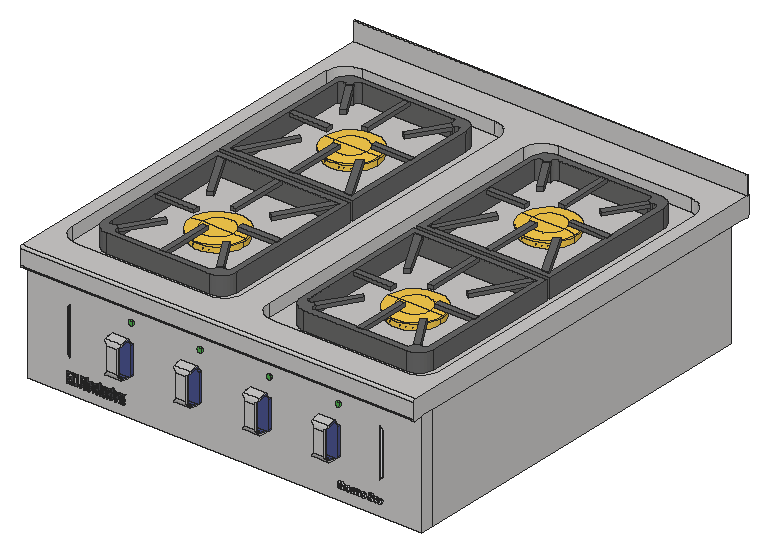
Revit family "QF_ELECTROLUXPROFESSIONAL_593104_MBGGBBHOVO", category Specialty Equipment, Revit 2014
Parameters
  Weight in Pounds = 487.22
  URL Cutsheet = ""
  Type Mark [instance] = ""
  Specification by User [instance] = ""
  Specification by Manufacturer = ""
  Serial Number = ""
  Seismic Rating = ""
  SMACNA No = ""
  Revision Code [instance] = ""
  Omniclass Number and Title = ""
  NAFEM Spec ID Number = ""
  Model = "588557"
  Masterspec = ""
  Manufacturer = "Electrolux Professional"
  Item Number [instance] = ""
  Installed By [instance] = ""
  Identify Quantity as Lot [instance] = yes
  Furnished By [instance] = ""
  Foodservice Equipment Identifier [instance] = yes
  Description = ""
  CSI MasterFormat = ""
  CSI Master Format = ""
Reference planes
  plane 1 "BACK": y = 0
  plane 2: z = 0
  plane 3 "LEFT": x = 0
  plane 4 "RIGHT": x = 800
  plane 5 "FRONT": y = -850
  plane 6 "TOP": z = 900
  plane 7 "Center (Left/Right)": x = 400
  plane 8: y = -425
  plane 9: y = -150
  plane 10: x = 75
  plane 11: x = 725
  plane 12: y = -65
  plane 13: y = -790
  plane 14 "GasY": y = -540
  plane 15: z = 938
  plane 16 "BaseTop": z = 650
  plane 17: y = -805
  plane 18 "Camino": y = -50
  plane 19: x = 764
  plane 20: z = 1131
Forms (mm)
  Extrusion 1, solid, material "QF_Finishes_Stainless Steel"
    sketch origin (-178.969, -4572, 100) x (-1, 0, 0) y (0, -1, 0)
      loop
        line (-178.969, -4527) -> (-178.969, -3767) -> (-978.969, -3767) -> (-978.969, -4527) -> (-178.969, -4527)
    from 550 to 762.969
  Extrusion 2, solid, material "QF_Finishes_Stainless Steel"
    sketch origin (400, 296.4, 1219.2) x (0, 1, 0) y (0, 0, 1)
      loop
        line (-296.4, -319.2) -> (-1141.4, -319.2)
        arc (-1141.4, -319.2) -> (-1144.935, -320.664) -> (-1146.4, -324.2) r 5
        line (-1146.4, -324.2) -> (-1146.4, -355.2)
        arc (-1146.4, -355.2) -> (-1144.971, -358.264) -> (-1141.705, -359.139) r 4
        line (-1141.705, -359.139) -> (-1126.4, -356.231) -> (-316.4, -356.231) -> (-301.094, -359.139)
        arc (-301.094, -359.139) -> (-297.829, -358.264) -> (-296.4, -355.2) r 4
        line (-296.4, -355.2) -> (-296.4, -319.2)
    from -400 to 400
  Extrusion 3, void
    sketch origin (0, 0, 900) x (-1, 0, 0) y (0, -1, 0)
      loop
        arc (-65.29, 65) -> (-37.006, 76.716) -> (-25.29, 105) r 40
        line (-25.29, 105) -> (-25.29, 750)
        arc (-25.29, 750) -> (-37.006, 778.284) -> (-65.29, 790) r 40
        line (-65.29, 790) -> (-335.29, 790)
        arc (-335.29, 790) -> (-363.574, 778.284) -> (-375.29, 750) r 40
        line (-375.29, 750) -> (-375.29, 105)
        arc (-375.29, 105) -> (-363.574, 76.716) -> (-335.29, 65) r 40
        line (-335.29, 65) -> (-65.29, 65)
    from 0 to -25
  Extrusion 4, solid, material "QF_Finishes_Stainless Steel"
    sketch origin (400, 296.4, 1219.2) x (0, 1, 0) y (0, 0, 1)
      loop
        line (-296.4, -319.2) -> (-296.4, -281.2) -> (-298.4, -281.2) -> (-298.4, -319.2) -> (-296.4, -319.2)
    from 400 to -400
  Extrusion 5, solid, material "QF_Finishes_Stainless Steel"
    sketch origin (0, 0, 650) x (-1, 0, 0) y (0, -1, 0)
      loop
        circle (-764, 540) r 10.1
    from 0 to -10
  Extrusion 6, void
    sketch origin (800, 0, 900) x (1, 0, 0) y (0, 1, 0)
      loop
        line (-65.29, -65) -> (-335.29, -65)
        arc (-335.29, -65) -> (-363.574, -76.716) -> (-375.29, -105) r 40
        line (-375.29, -105) -> (-375.29, -750)
        arc (-375.29, -750) -> (-363.574, -778.284) -> (-335.29, -790) r 40
        line (-335.29, -790) -> (-65.29, -790)
        arc (-65.29, -790) -> (-37.006, -778.284) -> (-25.29, -750) r 40
        line (-25.29, -750) -> (-25.29, -105)
        arc (-25.29, -105) -> (-37.006, -76.716) -> (-65.29, -65) r 40
    from 0 to -25
Cuts and joins
  Extrusion 3, Extrusion 6 cuts Extrusion 2
Lines and regions (mm)
  symbolic lines
    curve 1: line (0, 0, 100) -> (800, 0, 100)
    curve 2: line (0, -850, 100) -> (0, 0, 100)
    curve 3: line (800, -850, 100) -> (0, -850, 100)
    curve 4: line (800, 0, 100) -> (800, -850, 100)
    curve 5: line (0, -2, 0) -> (800, -2, 0)
    curve 6: line (335.29, -65, 0) -> (65.29, -65, 0)
    curve 7: line (424.71, -105, 0) -> (424.71, -750, 0)
    curve 8: line (734.71, -65, 0) -> (464.71, -65, 0)
    curve 9: arc (65.29, -65, 0) -> (37.006, -76.716, 0) -> (25.29, -105, 0) r 40
    curve 10: arc (375.29, -105, 0) -> (363.574, -76.716, 0) -> (335.29, -65, 0) r 40
    curve 11: line (375.29, -750, 0) -> (375.29, -105, 0)
    curve 12: arc (335.29, -790, 0) -> (363.574, -778.284, 0) -> (375.29, -750, 0) r 40
    curve 13: line (65.29, -790, 0) -> (335.29, -790, 0)
    curve 14: arc (25.29, -750, 0) -> (37.006, -778.284, 0) -> (65.29, -790, 0) r 40
    curve 15: line (25.29, -105, 0) -> (25.29, -750, 0)
    curve 16: arc (464.71, -65, 0) -> (436.426, -76.716, 0) -> (424.71, -105, 0) r 40
    curve 17: arc (774.71, -105, 0) -> (762.994, -76.716, 0) -> (734.71, -65, 0) r 40
    curve 18: line (774.71, -750, 0) -> (774.71, -105, 0)
    curve 19: arc (734.71, -790, 0) -> (762.994, -778.284, 0) -> (774.71, -750, 0) r 40
    curve 20: line (464.71, -790, 0) -> (734.71, -790, 0)
    curve 21: arc (424.71, -750, 0) -> (436.426, -778.284, 0) -> (464.71, -790, 0) r 40
Dimensions and locks
  plane 3 "LEFT" to plane 4 "RIGHT" = 800 mm
  locked: plane 5 "FRONT" to plane 1 "BACK" at 850
  plane 3 "LEFT" to plane 7 "Center (Left/Right)" to plane 4 "RIGHT" = 400 mm, 400 mm
  equal spacing: plane 5 "FRONT", plane 8, plane 1 "BACK"
  plane 6 "TOP" to level = 900 mm  (x2)
  plane 1 "BACK" to plane 9 = 150 mm
  plane 14 "GasY" to plane 1 "BACK" = 540 mm
  plane 15 to plane 6 "TOP" = 38 mm
  plane 12 to plane 1 "BACK" = 65 mm
  plane 5 "FRONT" to plane 13 = 60 mm
  plane 3 "LEFT" to plane 10 = 75 mm
  plane 11 to plane 4 "RIGHT" = 75 mm
  locked: plane 6 "TOP" to plane 16 "BaseTop" at 250
  locked: plane 17 to plane 5 "FRONT" at 45
  plane 18 "Camino" to plane 1 "BACK" = 50 mm
  plane 19 to plane 4 "RIGHT" = 36 mm
  plane 20 to plane 6 "TOP" = 231 mm
  aligned and locked: level to plane 2
  aligned and locked: cut or joined group of Extrusion 2, Extrusion 3, Extrusion 6 to plane 3 "LEFT"
  aligned and locked: cut or joined group of Extrusion 2, Extrusion 3, Extrusion 6 to plane 4 "RIGHT"
  aligned and locked: nested 1 to plane 17
  aligned and locked: Extrusion 1 to plane 17
  aligned and locked: Extrusion 4 to plane 3 "LEFT"
  aligned and locked: Extrusion 4 to plane 4 "RIGHT"
  aligned and locked: plane 3 "LEFT" to nested 1
Automatic sketch dimensions
  curve 5 to plane 3 "LEFT" = 0 mm
  curve 5 to plane 4 "RIGHT" = 0 mm
  plane 1 "BACK" to curve 5 = 2 mm
  Extrusion 1 sketch curve to plane 4 "RIGHT" = 0 mm
  Extrusion 1 sketch curve to plane 3 "LEFT" = 0 mm
  Extrusion 1 sketch curve to plane 17 = 0 mm
  Extrusion 1 sketch curve to plane 18 "Camino" = 5 mm
  plane 1 "BACK" to curve 1 = 0 mm
  curve 1 to plane 4 "RIGHT" = 0 mm
  curve 3 to plane 3 "LEFT" = 0 mm
  plane 5 "FRONT" to curve 3 = 0 mm
  Extrusion 2 sketch curve to plane 5 "FRONT" = 0 mm
  Extrusion 2 sketch curve to plane 6 "TOP" = 0 mm
  Extrusion 2 sketch curve to plane 1 "BACK" = 0 mm
  Extrusion 2 sketch curve to Extrusion 2 sketch curve = 4 mm
  Extrusion 2 sketch curve to Extrusion 2 sketch curve = 0.695 mm
  Extrusion 2 sketch curve to plane 5 "FRONT" = 5 mm
  Extrusion 2 sketch curve to Extrusion 2 sketch curve = 15.305 mm
  plane 1 "BACK" to Extrusion 2 sketch curve = 20 mm
  plane 1 "BACK" to Extrusion 2 sketch curve = 4.695 mm
  plane 1 "BACK" to Extrusion 2 sketch curve = 4 mm
  Extrusion 2 sketch curve to Extrusion 2 sketch curve = 31 mm
  Extrusion 2 sketch curve to Extrusion 2 sketch curve = 36 mm
  Extrusion 2 sketch curve to Extrusion 2 sketch curve = 2.909 mm
  plane 12 to Extrusion 3 sketch curve = 0 mm
  Extrusion 3 sketch curve to plane 7 "Center (Left/Right)" = 24.71 mm
  Extrusion 3 sketch curve to Extrusion 3 sketch curve = 40 mm  (x2)
  Extrusion 3 sketch curve to plane 13 = 40 mm
  plane 10 to Extrusion 3 sketch curve = 9.71 mm  (x2)
  plane 3 "LEFT" to Extrusion 3 sketch curve = 25.29 mm
  Extrusion 4 sketch curve to plane 6 "TOP" = 0 mm
  Extrusion 4 sketch curve to plane 15 = 0 mm
  Extrusion 4 sketch curve to plane 1 "BACK" = 0 mm
  Extrusion 4 sketch curve to Extrusion 4 sketch curve = 2 mm
  Extrusion 5 sketch curve to plane 14 "GasY" = 0 mm
  Extrusion 5 sketch curve to plane 19 = 0 mm
  plane 12 to Extrusion 6 sketch curve = 0 mm
  Extrusion 6 sketch curve to plane 7 "Center (Left/Right)" = 24.71 mm
  Extrusion 6 sketch curve to Extrusion 6 sketch curve = 40 mm  (x2)
  plane 13 to Extrusion 6 sketch curve = 40 mm
  plane 11 to Extrusion 6 sketch curve = 9.71 mm  (x2)
  Extrusion 6 sketch curve to plane 19 = 10.71 mm
  plane 7 "Center (Left/Right)" to curve 7 = 24.71 mm
  curve 8 to plane 11 = 9.71 mm
  plane 12 to curve 6 = 0 mm
  plane 10 to curve 6 = 9.71 mm
  curve 6 to plane 7 "Center (Left/Right)" = 64.71 mm
  plane 12 to curve 8 = 0 mm
  curve 9 to curve 6 = 40 mm
  curve 10 to curve 6 = 40 mm
  curve 11 to plane 13 = 40 mm
  plane 13 to curve 12 = 0 mm
  plane 10 to curve 13 = 9.71 mm
  plane 12 to curve 16 = 40 mm
  curve 17 to curve 8 = 40 mm
  curve 18 to plane 13 = 40 mm
  plane 13 to curve 19 = 0 mm
  curve 21 to plane 13 = 40 mm
  radius of Extrusion 5 sketch curve = 10.1 mm
Nested families
  nested 1: "Front_Panel_W800_4 Knobs_Spie" at (202.376, -805, 0), type "Front_Panel_W800_4 Knobs_Spie"
  nested 2: "Therma_One_Burner_Long" at (198.607, -260.258, 875), type "Therma_One_Burner_Long"
  nested 3: "Therma_One_Burner_Long" at (198.607, -593.742, 875), type "Therma_One_Burner_Long"
  nested 4: "Therma_One_Burner_Long" at (601.393, -260.258, 875) x (-1, 0, 0) z (0, 0, 1), type "Therma_One_Burner_Long"
  nested 5: "Therma_One_Burner_Long" at (601.393, -593.742, 875) x (-1, 0, 0) z (0, 0, 1), type "Therma_One_Burner_Long"
Connectors
  piping at (764, -540, 650), diameter 12.7
    settings: on Extrusion 5, index 1, connector inside diameter 24", connector length 0 mm, flow factor 0, pipe flow 0 GPM, pressure drop 0.00 psi, fitting loss kfactor 0, connector angle 0.00°, fixture units 0, engagement length 0 mm, angle of deflection 0.00°, flow configuration 1, flow direction 1, fitting loss method 0, system type 7, joint type 0, gender type 0, connector reference index -1, connector utility 0, adjustable connector no, is connector primary yes, connector description "Gas Connection"
Definition of nested family "Front_Panel_W800_4 Knobs_Spie"
  Reference planes
    plane 1 "Center (Front/Back)": y = 0
    plane 2: z = 0
    plane 3 "Center (Left/Right)": x = 197.624
    plane 4 "Left": x = -202.376
    plane 5 "Right": x = 597.624
    plane 6: y = -45
    plane 7: x = -12.376
    plane 8: x = 127.624
    plane 9 "Panel": y = -25
    plane 10: x = 517.624
    plane 11: x = -122.376
  Forms (mm)
    Extrusion 1, solid, material "QF_Finishes_Stainless Steel"
      sketch origin (833.217, 829.203, -1.25) x (0, 1, 0) y (0, 0, 1)
        loop
          line (-854.203, 651.25) -> (-829.203, 651.25) -> (-829.203, 864.25) -> (-854.203, 864.25) -> (-854.203, 651.25)
      from -1035.593 to -235.593
    Extrusion 2, void
      sketch origin (0, -25, -10) x (0, 0, 1) y (-1, 0, 0)
        loop
          line (731.866, 122.376) -> (726.866, 117.376) -> (823.866, 117.376) -> (818.866, 122.376) -> (731.866, 122.376)
        loop
          line (731.866, -517.624) -> (818.866, -517.624) -> (823.866, -512.624) -> (726.866, -512.624) -> (731.866, -517.624)
      from 0 to -2
    Extrusion 3, solid, material "QF_Finishes_Green"
      sketch origin (20, -25, 1.163) x (0, 0, 1) y (-1, 0, 0)
        loop
          circle (824.337, 12.376) r 5
      from 0 to 1.7
    Extrusion 4, solid, material "QF_Finishes_Green"
      sketch origin (160, -25, 1.163) x (0, 0, 1) y (-1, 0, 0)
        loop
          circle (824.337, 12.376) r 5
      from 0 to 1.7
    Extrusion 5, solid, material "QF_Finishes_Green"
      sketch origin (300.724, -25, 1.163) x (0, 0, 1) y (-1, 0, 0)
        loop
          circle (824.337, 12.376) r 5
      from 0 to 1.7
    Extrusion 6, solid, material "QF_Finishes_Green"
      sketch origin (440.724, -25, 1.163) x (0, 0, 1) y (-1, 0, 0)
        loop
          circle (824.337, 12.376) r 5
      from 0 to 1.7
    Extrusion 7, solid, material "QF_Finishes_White"
      sketch origin (0, -25, -10) x (0, 0, 1) y (-1, 0, 0)
        loop
          line (731.866, 122.376) -> (726.866, 117.376) -> (823.866, 117.376) -> (818.866, 122.376) -> (731.866, 122.376)
        loop
          line (726.866, -512.624) -> (731.866, -517.624) -> (818.866, -517.624) -> (823.866, -512.624) -> (726.866, -512.624)
      from 0 to -2
  Cuts and joins
    Extrusion 2 cuts Extrusion 1
  Dimensions and locks
    equal spacing: plane 5 "Right", plane 3 "Center (Left/Right)", plane 4 "Left"
    plane 5 "Right" to plane 4 "Left" = 800 mm
    plane 3 "Center (Left/Right)" to plane 7 = 210 mm
    plane 3 "Center (Left/Right)" to plane 8 = 70 mm
    aligned and locked: cut or joined group of Extrusion 1, Extrusion 2 to plane 4 "Left"
    aligned and locked: plane 5 "Right" to cut or joined group of Extrusion 1, Extrusion 2
  Automatic sketch dimensions
    Extrusion 1 sketch curve to plane 9 "Panel" = 0 mm
    Extrusion 1 sketch curve to plane 1 "Center (Front/Back)" = 0 mm
    Extrusion 2 sketch curve to plane 11 = 0 mm
    Extrusion 2 sketch curve to plane 10 = 0 mm
    Extrusion 2 sketch curve to plane 10 = 5 mm
    plane 11 to Extrusion 2 sketch curve = 5 mm
    Extrusion 2 sketch curve to Extrusion 2 sketch curve = 5 mm  (x4)
    plane 7 to Extrusion 3 sketch curve = 20 mm
    plane 8 to Extrusion 4 sketch curve = 20 mm
    plane 3 "Center (Left/Right)" to Extrusion 5 sketch curve = 90.724 mm
    Extrusion 6 sketch curve to plane 10 = 89.276 mm
    Extrusion 7 sketch curve to plane 11 = 0 mm
    Extrusion 7 sketch curve to plane 10 = 0 mm
    plane 11 to Extrusion 7 sketch curve = 5 mm
    Extrusion 7 sketch curve to Extrusion 7 sketch curve = 5 mm  (x4)
    Extrusion 7 sketch curve to plane 10 = 5 mm
    level to Extrusion 1 sketch curve = 650 mm
    Extrusion 1 sketch curve to Extrusion 1 sketch curve = 213 mm
    level to Extrusion 2 sketch curve = 716.866 mm
    Extrusion 2 sketch curve to Extrusion 2 sketch curve = 0 mm
    Extrusion 2 sketch curve to Extrusion 2 sketch curve = 87 mm  (x2)
    level to Extrusion 3 sketch curve = 825.5 mm
    level to Extrusion 4 sketch curve = 825.5 mm
    level to Extrusion 5 sketch curve = 825.5 mm
    level to Extrusion 6 sketch curve = 825.5 mm
    level to Extrusion 7 sketch curve = 716.866 mm
    Extrusion 7 sketch curve to Extrusion 7 sketch curve = 0 mm
    Extrusion 7 sketch curve to Extrusion 7 sketch curve = 87 mm  (x2)
    radius of Extrusion 3 sketch curve = 5 mm
    radius of Extrusion 4 sketch curve = 5 mm
    radius of Extrusion 5 sketch curve = 5 mm
    radius of Extrusion 6 sketch curve = 5 mm
  Nested families
    nested 1: "Range Control Handle" at (-12.376, -28.137, -209.113) x (-1, 0, 0) z (0, 0, 1), type "Range Control Handle"
    nested 2: "Range Control Handle" at (127.624, -28.137, -209.113) x (-1, 0, 0) z (0, 0, 1), type "Range Control Handle"
    nested 3: "Range Control Handle" at (407.624, -28.137, -209.113), type "Range Control Handle"
    nested 4: "Range Control Handle" at (267.624, -28.137, -209.113), type "Range Control Handle"
    nested 5: "ELX_ThermaLine_Small" at (468.838, -25, 679.426) x (1, 0, 0) z (0, -1, 0), type "ELX_ThermaLine_Small"
      with Show Logo yes, Material_Logo QF_Finishes_Black
    nested 6: "ELX_Professional_Logo_Small" at (-62.89, -25, 681.659) x (1, 0, 0) z (0, -1, 0), type "ELX_Professional_Logo_Small"
      with Show Logo yes, Material_Logo QF_Finishes_Black
  Definition of nested family "Range Control Handle"
    Reference planes
      plane 1 "Center (Front/Back)": y = 0
      plane 2: z = 0
      plane 3 "Center (Left/Right)": x = 0
      plane 4: z = 971.092
      plane 5: y = -16.9
    Forms (mm)
      Extrusion 1, solid, material "QF_Finishes_Electrolux Cyan"
        sketch origin (-746.28, 380.497, 208.931) x (-1, 0, 0) y (0, 0, 1)
          loop
            line (-770.101, 786.798) -> (-770.101, 731.649)
            arc (-770.101, 731.649) -> (-769.759, 730.563) -> (-768.855, 729.87) r 1.893
            line (-768.855, 729.87) -> (-763.474, 727.911) -> (-729.81, 727.911) -> (-724.428, 729.87)
            arc (-724.428, 729.87) -> (-723.525, 730.563) -> (-723.183, 731.649) r 1.893
            line (-723.183, 731.649) -> (-723.183, 786.798)
            arc (-723.183, 786.798) -> (-723.529, 787.894) -> (-724.44, 788.593) r 1.91
            line (-724.44, 788.593) -> (-729.683, 790.819) -> (-763.601, 790.819) -> (-768.844, 788.593)
            arc (-768.844, 788.593) -> (-769.755, 787.894) -> (-770.101, 786.798) r 1.91
        from -382.35 to -378.852
      Sweep 2, solid, material "QF_Finishes_Electrolux Cyan"
        path origin (-746.788, 380.496, 208.091) x (0, -1, 0) y (0, 0, 1)
          loop
            line (379.775, 793.281) -> (395.661, 791.048)
            arc (395.661, 791.048) -> (397.781, 787.377) -> (398.517, 783.202) r 12.207
            line (398.517, 783.202) -> (398.517, 737.368)
            arc (398.517, 737.368) -> (397.781, 733.193) -> (395.661, 729.522) r 12.207
            line (395.661, 729.522) -> (379.775, 727.289)
        profile origin (-746.788, -7.222, 1000.256) x (0, -0.139173, 0.990268) y (-1, 0, 0)
          loop
            line (0.782, -763.123) -> (0.782, -730.907) -> (-1.322, -730.907) -> (-1.322, -763.123) -> (0.782, -763.123)
      Sweep 3, solid, material "QF_Finishes_Stainless Steel"
        path origin (-746.788, 380.715, 207.832) x (0, -1, 0) y (0, 0, 1)
          loop
            line (380.478, 795.442) -> (397.218, 793.09)
            arc (397.218, 793.09) -> (399.929, 788.473) -> (400.871, 783.202) r 15.207
            line (400.871, 783.202) -> (400.871, 737.584)
            arc (400.871, 737.584) -> (399.914, 732.274) -> (397.164, 727.633) r 15.207
            line (397.164, 727.633) -> (380.601, 725.305)
        profile origin (-746.788, -8.132, 1002.099) x (0, -0.139173, 0.990268) y (-1, 0, 0)
          loop
            line (0.782, -763.123) -> (0.782, -730.907) -> (-1.322, -730.907) -> (-1.322, -763.123) -> (0.782, -763.123)
      Extrusion 4, void
        sketch origin (889.253, 220.666, 207.993) x (1, 0, 0) y (0, 0, 1)
          loop
            line (-943.038, 816.854) -> (-943.038, 703.686) -> (-899.466, 734.196) -> (-899.466, 786.344) -> (-943.038, 816.854)
        from 230.636 to 242.25
      Extrusion 5, void
        sketch origin (-888.8, 220.666, 207.993) x (-1, 0, 0) y (0, 0, -1)
          loop
            line (-943.038, -816.854) -> (-899.466, -786.344) -> (-899.466, -734.196) -> (-943.038, -703.686) -> (-943.038, -816.854)
        from 230.636 to 242.25
      Extrusion 6, solid, material "QF_Finishes_Electrolux Cyan"
        sketch origin (0, 0, 0) x (1, 0, 0) y (0, 0, 1)
          loop
            circle (0, 971.092) r 7.736
        from -3.137 to -1.645
    Cuts and joins
      Extrusion 4, Extrusion 5 cuts Sweep 3
      Extrusion 4, Extrusion 5 cuts Sweep 2
      joined: Extrusion 1, Extrusion 6
    Lines and regions (mm)
      symbolic lines
        curve 1: line (16.334, -16.9, 0) -> (16.334, -19.227, 0)
        curve 2: spline (16.334, -19.227, 0) -> (15.87, -19.385, 0) -> (15.404, -19.536, 0) -> (14.936, -19.678, 0) -> (14.466, -19.813, 0) -> (13.995, -19.94, 0) -> (13.523, -20.059, 0) -> (13.049, -20.171, 0) -> (12.575, -20.274, 0) -> (12.099, -20.37, 0) -> (11.622, -20.458, 0) -> (11.144, -20.537, 0) -> (10.666, -20.609, 0)
        curve 3: line (10.666, -16.9, 0) -> (10.666, -20.938, 0)
        curve 4: line (-10.213, -20.938, 0) -> (10.666, -20.938, 0)
        curve 5: line (-10.213, -20.938, 0) -> (-10.213, -16.9, 0)
        curve 6: spline (-10.213, -20.609, 0) -> (-10.691, -20.537, 0) -> (-11.169, -20.458, 0) -> (-11.646, -20.37, 0) -> (-12.122, -20.274, 0) -> (-12.597, -20.171, 0) -> (-13.07, -20.059, 0) -> (-13.542, -19.94, 0) -> (-14.013, -19.813, 0) -> (-14.483, -19.678, 0) -> (-14.951, -19.536, 0) -> (-15.417, -19.385, 0) -> (-15.881, -19.227, 0)
        curve 7: line (-15.881, -19.227, 0) -> (-15.881, -16.9, 0)
  Definition of nested family "ELX_ThermaLine_Small"
    Parameters (values of type "ELX_ThermaLine_Small")
      Show Logo [instance] = yes
      Material_Logo [instance] = QF_Finishes_Black
      Default Elevation = 0 mm
    Reference planes
      plane 1 "Centro (Fronte/Retro)": y = 0
      plane 2: z = 0
      plane 3 "Centro (Sinistra/Destra)": x = 0
    Forms (mm)
      Extrusion 1, solid
        sketch origin (0, 0, 0) x (1, 0, 0) y (0, 1, 0)
          loop
            line (-1219.2, 1219.2) -> (-1219.2, -1219.2) -> (1219.2, -1219.2) -> (1219.2, 1219.2) -> (-1219.2, 1219.2)
        from 0 to -304.8
      Extrusion 2, solid, material "QF_Finishes_White"
        sketch origin (0, 0, 0) x (1, 0, 0) y (0, 1, 0)
          loop
            line (-37.494, 1.229) -> (-35.908, 1.229) -> (-35.908, 3.066) -> (-37.494, 3.066) -> (-37.494, 6.221) -> (-39.867, 4.881) -> (-39.867, 3.066) -> (-40.969, 3.066) -> (-40.969, 1.229) -> (-39.867, 1.229) -> (-39.867, -3.407)
            arc (-39.867, -3.407) -> (-38.982, -5.513) -> (-36.751, -6.001) r 2.478
            line (-36.751, -6.001) -> (-35.638, -5.7) -> (-35.9, -3.835) -> (-36.661, -4.039)
            arc (-36.661, -4.039) -> (-37.236, -3.924) -> (-37.494, -3.399) r 0.662
            line (-37.494, -3.399) -> (-37.494, 1.229)
          loop
            line (-34.242, 6.539) -> (-34.242, -5.848) -> (-31.854, -5.848) -> (-31.854, -0.078)
            arc (-31.854, -0.078) -> (-30.939, 1.249) -> (-29.33, 1.367) r 1.866
            arc (-29.33, 1.367) -> (-28.695, 0.768) -> (-28.461, -0.073) r 1.627
            line (-28.461, -0.073) -> (-28.461, -5.848) -> (-26.086, -5.848) -> (-26.064, -0.46)
            arc (-26.064, -0.46) -> (-26.261, 0.932) -> (-26.786, 2.237) r 5.825
            arc (-26.786, 2.237) -> (-29.381, 3.264) -> (-31.854, 1.971) r 3.353
            line (-31.854, 1.971) -> (-31.854, 6.539) -> (-34.242, 6.539)
          loop
            arc (-18.398, -0.598) -> (-18.893, 0.879) -> (-20.326, 1.487) r 1.897
            arc (-20.326, 1.487) -> (-21.461, 0.708) -> (-21.897, -0.598) r 2.164
            line (-21.897, -0.598) -> (-18.398, -0.598)
          loop
            arc (-16.021, -2.044) -> (-16.754, 1.227) -> (-19.444, 3.226) r 4.814
            arc (-19.444, 3.226) -> (-22.137, 2.788) -> (-23.943, 0.743) r 4.054
            arc (-23.943, 0.743) -> (-24.382, -1.249) -> (-24.162, -3.276) r 6.289
            arc (-24.162, -3.276) -> (-23.302, -4.71) -> (-21.958, -5.705) r 4.28
            arc (-21.958, -5.705) -> (-18.558, -5.814) -> (-16.152, -3.409) r 4.28
            line (-16.152, -3.409) -> (-18.5, -2.995)
            arc (-18.5, -2.995) -> (-19.273, -3.994) -> (-20.533, -4.076) r 1.536
            arc (-20.533, -4.076) -> (-21.56, -3.281) -> (-21.958, -2.044) r 2.197
            line (-21.958, -2.044) -> (-16.021, -2.044)
          loop
            line (-14.165, -5.848) -> (-11.819, -5.848) -> (-11.819, -2.138)
            arc (-11.819, -2.138) -> (-11.787, -1.156) -> (-11.637, -0.185) r 8.18
            arc (-11.637, -0.185) -> (-10.644, 0.972) -> (-9.132, 0.776) r 1.603
            line (-9.132, 0.776) -> (-8.419, 2.846)
            arc (-8.419, 2.846) -> (-10.432, 3.118) -> (-11.994, 1.821) r 2.527
            line (-11.994, 1.821) -> (-11.994, 3.094) -> (-14.165, 3.094) -> (-14.165, -5.848)
          loop
            line (-7.579, 3.094) -> (-7.579, -5.848) -> (-5.178, -5.848) -> (-5.178, -0.756)
            arc (-5.178, -0.756) -> (-4.727, 0.679) -> (-3.417, 1.419) r 2.05
            arc (-3.417, 1.419) -> (-2.499, 0.908) -> (-2.155, -0.085) r 1.471
            line (-2.155, -0.085) -> (-2.155, -5.848) -> (0.23, -5.848) -> (0.23, -1.001)
            arc (0.23, -1.001) -> (0.47, 0.127) -> (1.148, 1.061) r 2.775
            arc (1.148, 1.061) -> (2.225, 1.329) -> (3.05, 0.587) r 1.182
            arc (3.05, 0.587) -> (3.199, -0.019) -> (3.214, -0.642) r 2.894
            line (3.214, -0.642) -> (3.214, -5.848) -> (5.601, -5.848) -> (5.601, 0.261)
            arc (5.601, 0.261) -> (4.87, 2.263) -> (2.976, 3.241) r 2.932
            arc (2.976, 3.241) -> (1.284, 2.973) -> (-0.047, 1.896) r 3.309
            arc (-0.047, 1.896) -> (-1.116, 2.865) -> (-2.506, 3.258) r 3.16
            arc (-2.506, 3.258) -> (-4.105, 2.942) -> (-5.376, 1.92) r 3.419
            line (-5.376, 1.92) -> (-5.376, 3.094) -> (-7.579, 3.094)
          loop
            line (7.583, 0.738) -> (9.702, 0.364)
            arc (9.702, 0.364) -> (11.441, 1.492) -> (12.855, -0.023) r 1.613
            line (12.855, -0.023) -> (9.782, -0.789)
            arc (9.782, -0.789) -> (8.559, -1.346) -> (7.617, -2.305) r 3.687
            arc (7.617, -2.305) -> (7.499, -3.681) -> (7.901, -5.003) r 3.651
            arc (7.901, -5.003) -> (9.107, -5.766) -> (10.515, -6.006) r 3.635
            arc (10.515, -6.006) -> (11.898, -5.697) -> (13.067, -4.895) r 3.734
            line (13.067, -4.895) -> (13.376, -5.848) -> (15.75, -5.848) -> (15.212, -4.193) -> (15.212, 0.38)
            arc (15.212, 0.38) -> (14.897, 1.849) -> (13.818, 2.895) r 2.585
            arc (13.818, 2.895) -> (11.792, 3.442) -> (9.719, 3.11) r 5.005
            arc (9.719, 3.11) -> (8.369, 2.178) -> (7.583, 0.738) r 3.54
          loop
            line (19.723, -5.848) -> (22.233, -5.848) -> (24.854, 6.484) -> (22.345, 6.484) -> (19.723, -5.848)
          loop
            line (24.583, -5.848) -> (26.953, -5.848) -> (28.848, 3.066) -> (26.478, 3.066) -> (24.583, -5.848)
          loop
            line (27.204, 6.484) -> (26.741, 4.305) -> (29.111, 4.305) -> (29.575, 6.484) -> (27.204, 6.484)
          loop
            line (29.355, -5.848) -> (31.849, -5.848) -> (33.098, 0.028)
            arc (33.098, 0.028) -> (34.169, 1.306) -> (35.832, 1.422) r 2.132
            arc (35.832, 1.422) -> (36.324, 0.752) -> (36.383, -0.078) r 1.5
            line (36.383, -0.078) -> (35.157, -5.848) -> (37.536, -5.848) -> (38.936, 0.738)
            arc (38.936, 0.738) -> (38.775, 2.091) -> (37.825, 3.066) r 2.118
            arc (37.825, 3.066) -> (35.392, 3.175) -> (33.295, 1.937) r 4.271
            line (33.295, 1.937) -> (33.535, 3.066) -> (31.25, 3.066) -> (29.355, -5.848)
          loop
            line (42.792, -0.64) -> (46.589, -0.64)
            arc (46.589, -0.64) -> (46.639, 0.124) -> (46.327, 0.823) r 1.589
            arc (46.327, 0.823) -> (45.117, 1.521) -> (43.762, 1.183) r 1.865
            arc (43.762, 1.183) -> (43.141, 0.344) -> (42.792, -0.64) r 3.538
          loop
            line (42.565, -2.138) -> (48.593, -2.138)
            arc (48.593, -2.138) -> (48.58, 0.597) -> (46.983, 2.818) r 4.494
            arc (46.983, 2.818) -> (44.191, 3.28) -> (41.725, 1.891) r 4.26
            arc (41.725, 1.891) -> (40.503, -0.3) -> (40.284, -2.799) r 6.003
            arc (40.284, -2.799) -> (40.959, -4.468) -> (42.377, -5.576) r 3.482
            arc (42.377, -5.576) -> (44.265, -5.961) -> (46.152, -5.576) r 4.823
            arc (46.152, -5.576) -> (47.432, -4.731) -> (48.328, -3.485) r 4.245
            line (48.328, -3.485) -> (46.168, -3.105)
            arc (46.168, -3.105) -> (45.214, -4.072) -> (43.859, -4.181) r 1.953
            arc (43.859, -4.181) -> (42.821, -3.408) -> (42.565, -2.138) r 1.81
          loop
            line (12.868, -1.553) -> (10.216, -2.214)
            arc (10.216, -2.214) -> (9.747, -3.136) -> (10.216, -4.058) r 1.14
            arc (10.216, -4.058) -> (11.537, -4.249) -> (12.614, -3.46) r 1.763
            arc (12.614, -3.46) -> (12.858, -2.522) -> (12.868, -1.553) r 3.97
        from 0 to 1.6
    Dimensions and locks
      aligned and locked: plane 2 to Extrusion 1
      aligned and locked: level to Extrusion 1
  Definition of nested family "ELX_Professional_Logo_Small"
    Parameters (values of type "ELX_Professional_Logo_Small")
      Show Logo [instance] = yes
      Material_Logo [instance] = QF_Finishes_Black
      Default Elevation = 0 mm
    Reference planes
      plane 1 "Centro (Fronte/Retro)": y = 0
      plane 2: z = 0
      plane 3 "Centro (Sinistra/Destra)": x = 0
    Forms (mm)
      Extrusion 1, solid
        sketch origin (0, 0, 0) x (1, 0, 0) y (0, 1, 0)
          loop
            line (-1219.2, 1219.2) -> (-1219.2, -1219.2) -> (1219.2, -1219.2) -> (1219.2, 1219.2) -> (-1219.2, 1219.2)
        from 0 to -304.8
      Extrusion 2, solid, material "QF_Finishes_Black" <- "Material_Logo"
        sketch origin (15.5, 0, 0) x (1, 0, 0) y (0, 1, 0)
          loop
            spline (-42.99, -1.24) -> (-43.195, -1.231) -> (-43.415, -1.203) -> (-43.642, -1.152) -> (-43.87, -1.074) -> (-44.095, -0.966) -> (-44.309, -0.825) -> (-44.506, -0.647) -> (-44.681, -0.429) -> (-44.828, -0.167) -> (-44.94, 0.142) -> (-45.011, 0.501) -> (-45.037, 0.915)
            line (-45.037, 0.915) -> (-45.037, 2.748) -> (-38.984, 2.748) -> (-38.984, 5.086) -> (-45.038, 5.086) -> (-45.038, 8.489) -> (-38.599, 8.489) -> (-38.599, 10.82) -> (-47.515, 10.82) -> (-47.515, 1.021)
            spline (-47.515, 1.021) -> (-47.493, 0.418) -> (-47.425, -0.15) -> (-47.311, -0.682) -> (-47.15, -1.175) -> (-46.939, -1.628) -> (-46.678, -2.038) -> (-46.365, -2.404) -> (-46, -2.723) -> (-45.58, -2.995) -> (-45.105, -3.216) -> (-44.573, -3.385) -> (-43.983, -3.499)
            line (-43.983, -3.499) -> (-43.01, -3.569) -> (-38.426, -3.569) -> (-38.426, -1.24) -> (-42.99, -1.24)
          loop
            line (-36.666, 4.021) -> (-36.666, -3.573) -> (-34.188, -3.573) -> (-34.188, 10.824) -> (-36.666, 10.824) -> (-36.666, 4.021)
          loop
            spline (-21.915, 1.897) -> (-21.957, 2.615) -> (-22.082, 3.303) -> (-22.285, 3.955) -> (-22.563, 4.564) -> (-22.913, 5.124) -> (-23.331, 5.629) -> (-23.814, 6.074) -> (-24.359, 6.451) -> (-24.961, 6.755) -> (-25.618, 6.98) -> (-26.326, 7.119) -> (-27.081, 7.167)
            spline (-27.081, 7.167) -> (-27.853, 7.122) -> (-28.586, 6.99) -> (-29.275, 6.774) -> (-29.915, 6.478) -> (-30.5, 6.104) -> (-31.024, 5.657) -> (-31.483, 5.138) -> (-31.871, 4.553) -> (-32.182, 3.904) -> (-32.411, 3.194) -> (-32.552, 2.427) -> (-32.6, 1.606)
            spline (-32.6, 1.606) -> (-32.553, 0.805) -> (-32.416, 0.057) -> (-32.193, -0.637) -> (-31.887, -1.271) -> (-31.504, -1.843) -> (-31.048, -2.35) -> (-30.523, -2.788) -> (-29.934, -3.154) -> (-29.284, -3.444) -> (-28.579, -3.656) -> (-27.822, -3.785) -> (-27.019, -3.829)
            spline (-27.019, -3.829) -> (-26.627, -3.82) -> (-26.239, -3.79) -> (-25.856, -3.739) -> (-25.477, -3.663) -> (-25.103, -3.562) -> (-24.734, -3.432) -> (-24.369, -3.273) -> (-24.01, -3.082) -> (-23.655, -2.858) -> (-23.305, -2.597) -> (-22.96, -2.299) -> (-22.621, -1.962)
            line (-22.621, -1.962) -> (-24.114, -0.509)
            spline (-24.114, -0.509) -> (-24.311, -0.699) -> (-24.509, -0.872) -> (-24.71, -1.03) -> (-24.915, -1.172) -> (-25.126, -1.297) -> (-25.346, -1.407) -> (-25.576, -1.5) -> (-25.817, -1.576) -> (-26.072, -1.636) -> (-26.342, -1.678) -> (-26.629, -1.704) -> (-26.936, -1.713)
            spline (-26.936, -1.713) -> (-27.384, -1.691) -> (-27.805, -1.625) -> (-28.196, -1.518) -> (-28.556, -1.372) -> (-28.882, -1.187) -> (-29.174, -0.966) -> (-29.429, -0.71) -> (-29.645, -0.422) -> (-29.821, -0.102) -> (-29.955, 0.247) -> (-30.045, 0.623) -> (-30.089, 1.026)
            line (-30.089, 1.026) -> (-21.956, 1.026) -> (-21.915, 1.897)
          loop
            spline (-24.446, 2.769) -> (-24.47, 3.075) -> (-24.54, 3.37) -> (-24.654, 3.65) -> (-24.807, 3.913) -> (-24.996, 4.156) -> (-25.219, 4.376) -> (-25.472, 4.57) -> (-25.753, 4.736) -> (-26.057, 4.869) -> (-26.382, 4.968) -> (-26.724, 5.03) -> (-27.081, 5.051)
            spline (-27.081, 5.051) -> (-27.464, 5.03) -> (-27.832, 4.97) -> (-28.183, 4.872) -> (-28.513, 4.74) -> (-28.819, 4.577) -> (-29.099, 4.384) -> (-29.347, 4.165) -> (-29.563, 3.923) -> (-29.742, 3.659) -> (-29.881, 3.377) -> (-29.977, 3.079) -> (-30.027, 2.769)
            line (-30.027, 2.769) -> (-24.446, 2.769)
          loop
            spline (-18.167, 1.669) -> (-18.138, 2.13) -> (-18.055, 2.567) -> (-17.921, 2.978) -> (-17.739, 3.358) -> (-17.512, 3.705) -> (-17.243, 4.016) -> (-16.937, 4.287) -> (-16.596, 4.517) -> (-16.223, 4.7) -> (-15.823, 4.835) -> (-15.398, 4.919) -> (-14.951, 4.947)
            spline (-14.951, 4.947) -> (-14.677, 4.938) -> (-14.414, 4.913) -> (-14.162, 4.871) -> (-13.921, 4.812) -> (-13.69, 4.738) -> (-13.467, 4.649) -> (-13.254, 4.544) -> (-13.048, 4.424) -> (-12.85, 4.291) -> (-12.659, 4.143) -> (-12.474, 3.981) -> (-12.295, 3.806)
            line (-12.295, 3.806) -> (-10.76, 5.403)
            spline (-10.76, 5.403) -> (-11.065, 5.709) -> (-11.38, 5.984) -> (-11.703, 6.228) -> (-12.035, 6.443) -> (-12.375, 6.63) -> (-12.723, 6.788) -> (-13.078, 6.92) -> (-13.44, 7.026) -> (-13.809, 7.107) -> (-14.184, 7.164) -> (-14.564, 7.198) -> (-14.951, 7.209)
            spline (-14.951, 7.209) -> (-15.725, 7.161) -> (-16.467, 7.02) -> (-17.169, 6.792) -> (-17.826, 6.482) -> (-18.43, 6.096) -> (-18.976, 5.637) -> (-19.455, 5.112) -> (-19.862, 4.525) -> (-20.19, 3.882) -> (-20.433, 3.189) -> (-20.584, 2.449) -> (-20.635, 1.669)
            spline (-20.635, 1.669) -> (-20.584, 0.889) -> (-20.433, 0.149) -> (-20.19, -0.545) -> (-19.862, -1.187) -> (-19.455, -1.774) -> (-18.976, -2.299) -> (-18.43, -2.758) -> (-17.826, -3.145) -> (-17.169, -3.454) -> (-16.467, -3.682) -> (-15.725, -3.823) -> (-14.951, -3.871)
            spline (-14.951, -3.871) -> (-14.564, -3.86) -> (-14.184, -3.826) -> (-13.809, -3.77) -> (-13.44, -3.689) -> (-13.078, -3.583) -> (-12.723, -3.451) -> (-12.375, -3.292) -> (-12.035, -3.105) -> (-11.703, -2.89) -> (-11.38, -2.646) -> (-11.065, -2.371) -> (-10.76, -2.066)
            line (-10.76, -2.066) -> (-12.295, -0.468)
            spline (-12.295, -0.468) -> (-12.474, -0.643) -> (-12.659, -0.805) -> (-12.85, -0.953) -> (-13.048, -1.087) -> (-13.254, -1.206) -> (-13.467, -1.311) -> (-13.69, -1.4) -> (-13.921, -1.475) -> (-14.162, -1.533) -> (-14.414, -1.575) -> (-14.677, -1.6) -> (-14.951, -1.609)
            spline (-14.951, -1.609) -> (-15.398, -1.581) -> (-15.823, -1.497) -> (-16.223, -1.362) -> (-16.596, -1.179) -> (-16.937, -0.95) -> (-17.243, -0.678) -> (-17.512, -0.367) -> (-17.739, -0.02) -> (-17.921, 0.36) -> (-18.055, 0.771) -> (-18.138, 1.208) -> (-18.167, 1.669)
          loop
            spline (-4.441, -1.243) -> (-4.659, -1.247) -> (-4.894, -1.23) -> (-5.137, -1.19) -> (-5.384, -1.121) -> (-5.628, -1.021) -> (-5.864, -0.884) -> (-6.084, -0.708) -> (-6.283, -0.488) -> (-6.454, -0.219) -> (-6.592, 0.101) -> (-6.69, 0.478) -> (-6.742, 0.914)
            line (-6.742, 0.914) -> (-6.742, 4.587) -> (-4.487, 4.587) -> (-4.487, 6.838) -> (-6.738, 6.838) -> (-6.738, 10.824) -> (-9.217, 10.824) -> (-9.217, 0.773)
            spline (-9.217, 0.773) -> (-9.164, 0.19) -> (-9.068, -0.358) -> (-8.928, -0.87) -> (-8.742, -1.343) -> (-8.511, -1.777) -> (-8.232, -2.168) -> (-7.904, -2.515) -> (-7.527, -2.816) -> (-7.098, -3.069) -> (-6.618, -3.273) -> (-6.084, -3.426) -> (-5.496, -3.525)
            line (-5.496, -3.525) -> (-4.45, -3.573) -> (-4.441, -1.243)
          loop
            spline (3.898, 6.983) -> (3.469, 7.009) -> (3.056, 7.001) -> (2.661, 6.961) -> (2.283, 6.888) -> (1.925, 6.785) -> (1.588, 6.652) -> (1.272, 6.49) -> (0.979, 6.301) -> (0.71, 6.085) -> (0.465, 5.844) -> (0.247, 5.578) -> (0.056, 5.289)
            line (0.056, 5.289) -> (0.056, 6.838) -> (-2.402, 6.838) -> (-2.402, -3.572) -> (0.056, -3.572) -> (0.056, 1.901)
            spline (0.056, 1.901) -> (0.079, 2.316) -> (0.145, 2.703) -> (0.254, 3.06) -> (0.404, 3.386) -> (0.592, 3.679) -> (0.818, 3.938) -> (1.08, 4.162) -> (1.375, 4.348) -> (1.703, 4.495) -> (2.062, 4.602) -> (2.45, 4.668) -> (2.865, 4.69)
            line (2.865, 4.69) -> (3.898, 4.586) -> (3.898, 6.983)
          loop
            spline (15.638, 1.633) -> (15.586, 2.396) -> (15.435, 3.124) -> (15.192, 3.81) -> (14.863, 4.449) -> (14.455, 5.034) -> (13.975, 5.56) -> (13.43, 6.021) -> (12.826, 6.411) -> (12.17, 6.724) -> (11.469, 6.955) -> (10.729, 7.098) -> (9.958, 7.147)
            spline (9.958, 7.147) -> (9.182, 7.098) -> (8.44, 6.955) -> (7.737, 6.724) -> (7.081, 6.411) -> (6.477, 6.021) -> (5.933, 5.56) -> (5.454, 5.034) -> (5.048, 4.449) -> (4.721, 3.81) -> (4.479, 3.124) -> (4.329, 2.396) -> (4.277, 1.633)
            spline (4.277, 1.633) -> (4.329, 0.869) -> (4.479, 0.141) -> (4.721, -0.544) -> (5.048, -1.183) -> (5.454, -1.768) -> (5.933, -2.294) -> (6.477, -2.755) -> (7.081, -3.145) -> (7.737, -3.459) -> (8.44, -3.69) -> (9.182, -3.833) -> (9.958, -3.882)
            spline (9.958, -3.882) -> (10.729, -3.833) -> (11.469, -3.69) -> (12.17, -3.459) -> (12.826, -3.145) -> (13.43, -2.755) -> (13.975, -2.294) -> (14.455, -1.768) -> (14.863, -1.183) -> (15.192, -0.544) -> (15.435, 0.141) -> (15.586, 0.869) -> (15.638, 1.633)
          loop
            spline (13.18, 1.633) -> (13.151, 2.083) -> (13.067, 2.513) -> (12.932, 2.918) -> (12.748, 3.296) -> (12.52, 3.642) -> (12.251, 3.954) -> (11.943, 4.227) -> (11.601, 4.459) -> (11.228, 4.645) -> (10.828, 4.782) -> (10.403, 4.867) -> (9.958, 4.896)
            spline (9.958, 4.896) -> (9.509, 4.867) -> (9.081, 4.782) -> (8.679, 4.645) -> (8.306, 4.459) -> (7.964, 4.227) -> (7.658, 3.954) -> (7.39, 3.642) -> (7.163, 3.296) -> (6.981, 2.918) -> (6.847, 2.513) -> (6.765, 2.083) -> (6.736, 1.633)
            spline (6.736, 1.633) -> (6.765, 1.182) -> (6.847, 0.753) -> (6.981, 0.347) -> (7.163, -0.031) -> (7.39, -0.377) -> (7.658, -0.689) -> (7.964, -0.962) -> (8.306, -1.193) -> (8.679, -1.38) -> (9.081, -1.517) -> (9.509, -1.602) -> (9.958, -1.631)
            spline (9.958, -1.631) -> (10.403, -1.602) -> (10.828, -1.517) -> (11.228, -1.38) -> (11.601, -1.193) -> (11.943, -0.962) -> (12.251, -0.689) -> (12.52, -0.377) -> (12.748, -0.031) -> (12.932, 0.347) -> (13.067, 0.753) -> (13.151, 1.182) -> (13.18, 1.633)
          loop
            line (17.162, 4.269) -> (17.162, -3.573) -> (19.642, -3.573) -> (19.642, 10.824) -> (17.162, 10.824) -> (17.162, 4.269)
          loop
            line (28.581, 6.838) -> (28.581, 0.786)
            spline (28.581, 0.786) -> (28.561, 0.393) -> (28.503, 0.038) -> (28.409, -0.279) -> (28.281, -0.559) -> (28.122, -0.802) -> (27.933, -1.011) -> (27.717, -1.185) -> (27.476, -1.325) -> (27.213, -1.433) -> (26.929, -1.509) -> (26.626, -1.554) -> (26.308, -1.569)
            spline (26.308, -1.569) -> (25.99, -1.554) -> (25.688, -1.509) -> (25.404, -1.434) -> (25.141, -1.326) -> (24.9, -1.187) -> (24.684, -1.014) -> (24.496, -0.807) -> (24.336, -0.565) -> (24.209, -0.288) -> (24.115, 0.026) -> (24.057, 0.376) -> (24.037, 0.765)
            line (24.037, 0.765) -> (24.037, 6.838) -> (21.537, 6.838) -> (21.537, 0.558)
            spline (21.537, 0.558) -> (21.581, -0.153) -> (21.71, -0.8) -> (21.916, -1.384) -> (22.195, -1.904) -> (22.54, -2.362) -> (22.944, -2.757) -> (23.403, -3.09) -> (23.909, -3.362) -> (24.456, -3.572) -> (25.04, -3.722) -> (25.652, -3.811) -> (26.288, -3.841)
            spline (26.288, -3.841) -> (26.929, -3.811) -> (27.547, -3.72) -> (28.135, -3.568) -> (28.687, -3.355) -> (29.197, -3.079) -> (29.66, -2.741) -> (30.068, -2.341) -> (30.415, -1.877) -> (30.696, -1.349) -> (30.905, -0.757) -> (31.034, -0.101) -> (31.079, 0.621)
            line (31.079, 0.621) -> (31.079, 6.838) -> (28.581, 6.838)
          loop
            line (40.457, -0.243) -> (38.894, 1.942) -> (40.83, 4.579) -> (42.488, 6.837) -> (39.782, 6.837) -> (37.53, 3.719) -> (35.258, 6.837) -> (32.573, 6.837) -> (34.113, 4.731) -> (36.167, 1.922) -> (34.014, -1.076) -> (32.222, -3.573) -> (34.887, -3.573) -> (37.53, 0.104) -> (40.174, -3.573) -> (42.839, -3.573) -> (40.457, -0.243)
          loop
            line (-46.121, -5.837) -> (-48.039, -5.837) -> (-48.039, -10.814) -> (-47.016, -10.814) -> (-47.016, -9.128) -> (-46.121, -9.128)
            arc (-46.121, -9.128) -> (-44.476, -7.482) -> (-46.121, -5.837) r 1.645
          loop
            line (-46.163, -6.778) -> (-47.016, -6.778) -> (-47.016, -8.187) -> (-46.163, -8.187)
            arc (-46.163, -8.187) -> (-45.458, -7.482) -> (-46.163, -6.778) r 0.704
          loop
            line (-38.313, -5.837) -> (-40.265, -5.837) -> (-40.265, -10.814) -> (-39.241, -10.814) -> (-39.241, -9.1) -> (-38.46, -9.182) -> (-37.48, -10.814) -> (-36.318, -10.814) -> (-37.513, -8.848)
            arc (-37.513, -8.848) -> (-36.888, -8.266) -> (-36.671, -7.441) r 1.536
            arc (-36.671, -7.441) -> (-37.165, -6.305) -> (-38.313, -5.837) r 1.643
          loop
            arc (-38.402, -8.166) -> (-37.707, -7.505) -> (-38.334, -6.778) r 0.696
            line (-38.334, -6.778) -> (-39.241, -6.778) -> (-39.241, -8.166) -> (-38.402, -8.166)
          loop
            circle (-29.965, -8.325) r 2.585
          loop
            circle (-29.965, -8.325) r 1.64
          loop
            line (-23.1, -5.837) -> (-23.1, -10.814) -> (-22.076, -10.814) -> (-22.076, -8.768) -> (-20.204, -8.768) -> (-20.204, -7.828) -> (-22.076, -7.828) -> (-22.076, -6.778) -> (-20.024, -6.778) -> (-20.024, -5.837) -> (-23.1, -5.837)
          loop
            line (-15.802, -5.837) -> (-15.802, -9.2)
            arc (-15.802, -9.2) -> (-15.343, -10.34) -> (-14.209, -10.814) r 1.593
            line (-14.209, -10.814) -> (-12.602, -10.814) -> (-12.602, -10.027) -> (-14.004, -10.027)
            arc (-14.004, -10.027) -> (-14.552, -9.8) -> (-14.779, -9.252) r 0.775
            line (-14.779, -9.252) -> (-14.779, -8.424) -> (-12.789, -8.424) -> (-12.789, -7.642) -> (-14.779, -7.642) -> (-14.779, -6.778) -> (-12.651, -6.778) -> (-12.651, -5.837) -> (-15.802, -5.837)
          loop
            line (-5.909, -7.143) -> (-5.173, -6.638)
            arc (-5.173, -6.638) -> (-5.855, -5.974) -> (-6.781, -5.755) r 1.782
            arc (-6.781, -5.755) -> (-7.397, -5.878) -> (-7.944, -6.189) r 1.974
            arc (-7.944, -6.189) -> (-8.202, -6.5) -> (-8.317, -6.888) r 1.013
            arc (-8.317, -6.888) -> (-8.306, -7.341) -> (-8.192, -7.78) r 1.985
            arc (-8.192, -7.78) -> (-7.749, -8.259) -> (-7.171, -8.563) r 1.928
            arc (-7.171, -8.563) -> (-6.637, -8.779) -> (-6.131, -9.056) r 5.041
            arc (-6.131, -9.056) -> (-5.934, -9.387) -> (-6.09, -9.74) r 0.42
            arc (-6.09, -9.74) -> (-6.631, -9.96) -> (-7.204, -9.845) r 1.016
            arc (-7.204, -9.845) -> (-7.625, -9.603) -> (-7.889, -9.196) r 1.033
            line (-7.889, -9.196) -> (-8.67, -9.686)
            arc (-8.67, -9.686) -> (-8.361, -10.198) -> (-7.908, -10.589) r 1.914
            arc (-7.908, -10.589) -> (-7.334, -10.834) -> (-6.714, -10.896) r 2.063
            arc (-6.714, -10.896) -> (-5.947, -10.743) -> (-5.256, -10.376) r 2.696
            arc (-5.256, -10.376) -> (-4.95, -9.565) -> (-5.108, -8.712) r 1.618
            arc (-5.108, -8.712) -> (-5.448, -8.319) -> (-5.884, -8.035) r 1.876
            arc (-5.884, -8.035) -> (-6.434, -7.789) -> (-6.999, -7.577) r 9.883
            arc (-6.999, -7.577) -> (-7.325, -7.07) -> (-6.854, -6.694) r 0.45
            arc (-6.854, -6.694) -> (-6.329, -6.809) -> (-5.909, -7.143) r 1.197
          loop
            line (1.61, -7.143) -> (2.345, -6.638)
            arc (2.345, -6.638) -> (1.663, -5.974) -> (0.737, -5.755) r 1.782
            arc (0.737, -5.755) -> (0.121, -5.878) -> (-0.425, -6.189) r 1.974
            arc (-0.425, -6.189) -> (-0.683, -6.5) -> (-0.799, -6.888) r 1.013
            arc (-0.799, -6.888) -> (-0.788, -7.341) -> (-0.674, -7.78) r 1.985
            arc (-0.674, -7.78) -> (-0.231, -8.259) -> (0.347, -8.563) r 1.928
            arc (0.347, -8.563) -> (0.881, -8.779) -> (1.387, -9.056) r 5.041
            arc (1.387, -9.056) -> (1.584, -9.387) -> (1.428, -9.74) r 0.42
            arc (1.428, -9.74) -> (0.887, -9.96) -> (0.314, -9.845) r 1.016
            arc (0.314, -9.845) -> (-0.107, -9.603) -> (-0.371, -9.196) r 1.033
            line (-0.371, -9.196) -> (-1.152, -9.686)
            arc (-1.152, -9.686) -> (-0.842, -10.198) -> (-0.39, -10.589) r 1.914
            arc (-0.39, -10.589) -> (0.184, -10.834) -> (0.804, -10.896) r 2.063
            arc (0.804, -10.896) -> (1.572, -10.743) -> (2.263, -10.376) r 2.696
            arc (2.263, -10.376) -> (2.568, -9.565) -> (2.411, -8.712) r 1.618
            arc (2.411, -8.712) -> (2.07, -8.319) -> (1.635, -8.035) r 1.876
            arc (1.635, -8.035) -> (1.084, -7.789) -> (0.519, -7.577) r 9.883
            arc (0.519, -7.577) -> (0.193, -7.07) -> (0.665, -6.694) r 0.45
            arc (0.665, -6.694) -> (1.189, -6.809) -> (1.61, -7.143) r 1.197
          loop
            line (6.801, -5.837) -> (6.801, -10.814) -> (7.825, -10.814) -> (7.825, -5.837) -> (6.801, -5.837)
          loop
            circle (14.724, -8.325) r 1.548
          loop
            circle (14.724, -8.325) r 2.585
          loop
            line (21.59, -10.814) -> (22.623, -10.814) -> (22.623, -7.685) -> (24.9, -10.814) -> (25.895, -10.814) -> (25.895, -5.837) -> (24.861, -5.837) -> (24.861, -9.061) -> (22.585, -5.837) -> (21.59, -5.837) -> (21.59, -10.814)
          loop
            line (31.054, -10.814) -> (31.539, -9.74) -> (33.38, -9.74) -> (33.865, -10.814) -> (34.965, -10.814) -> (32.46, -5.837) -> (29.956, -10.814) -> (31.054, -10.814)
          loop
            line (32.46, -7.698) -> (31.999, -8.719) -> (32.921, -8.719) -> (32.46, -7.698)
          loop
            line (40.047, -9.873) -> (40.047, -5.837) -> (39.024, -5.837) -> (39.024, -10.814) -> (41.961, -10.814) -> (41.961, -9.873) -> (40.047, -9.873)
          loop
            line (-74.986, -10.814) -> (-53.322, -10.814) -> (-53.322, 10.82) -> (-74.986, 10.82) -> (-74.986, -10.814)
          loop
            line (-61.261, 9.758) -> (-61.261, -9.707)
            arc (-61.261, -9.707) -> (-54.066, 0.025) -> (-61.261, 9.758) r 10.18
          loop
            line (-62.251, 8.349) -> (-62.251, 9.758)
            arc (-62.251, 9.758) -> (-70.347, 7.918) -> (-74.247, 0.59) r 9.976
            line (-74.247, 0.59) -> (-71.026, 0.59)
            arc (-71.026, 0.59) -> (-65.274, 2.925) -> (-62.251, 8.349) r 9.351
          loop
            arc (-74.247, -0.539) -> (-70.353, -7.928) -> (-62.251, -9.957) r 10.237
            line (-62.251, -9.957) -> (-62.251, -8.298)
            arc (-62.251, -8.298) -> (-65.274, -2.874) -> (-71.026, -0.539) r 9.351
            line (-71.026, -0.539) -> (-74.247, -0.539)
        from 0 to 1.644
    Dimensions and locks
      aligned and locked: plane 2 to Extrusion 1
      aligned and locked: level to Extrusion 1
Definition of nested family "Therma_One_Burner_Long"
  Reference planes
    plane 1 "Center (Front/Back)": y = 2.758
    plane 2: z = 0
    plane 3 "Center (Left/Right)": x = 1.052
    plane 4: x = -133.948
    plane 5: x = 136.052
    plane 6: y = 324.793
    plane 7: y = -324.793
    plane 8: y = 155.258
    plane 9: y = -162.742
  Forms (mm)
    Extrusion 1, void
      sketch origin (-124.371, -167.459, -885.234) x (-0.587785, -0.809017, 0) y (0, 0, 1)
        loop
          circle (-213.495, 891.283) r 1
      from -67.69 to -35.114
    Extrusion 2, void
      sketch origin (-89.903, -188.091, -885.234) x (-0.422618, -0.906308, 0) y (0, 0, 1)
        loop
          circle (-213.495, 891.283) r 1
      from -74.826 to -35.114
    Extrusion 3, void
      sketch origin (27.702, -206.516, -885.234) x (0.139173, -0.990268, 0) y (0, 0, 1)
        loop
          circle (-213.495, 891.283) r 1
      from -67.69 to -35.114
    Extrusion 4, void
      sketch origin (66.829, -197.413, -885.234) x (0.325568, -0.945519, 0) y (0, 0, 1)
        loop
          circle (-213.495, 891.283) r 1
      from -67.69 to -35.114
    Extrusion 5, void
      sketch origin (103.5, -181.013, -885.234) x (0.5, -0.866025, 0) y (0, 0, 1)
        loop
          circle (-213.495, 891.283) r 1
      from -67.69 to -35.114
    Extrusion 6, void
      sketch origin (136.368, -157.916, -885.234) x (0.656059, -0.75471, 0) y (0, 0, 1)
        loop
          circle (-213.495, 891.283) r 1
      from -67.69 to -35.114
    Extrusion 7, void
      sketch origin (164.225, -128.972, -885.234) x (0.788011, -0.615661, 0) y (0, 0, 1)
        loop
          circle (-213.495, 891.283) r 1
      from -67.69 to -35.114
    Extrusion 8, void
      sketch origin (186.048, -95.245, -885.234) x (0.891007, -0.45399, 0) y (0, 0, 1)
        loop
          circle (-213.495, 891.283) r 1
      from -67.69 to -35.114
    Extrusion 9, void
      sketch origin (201.034, -57.973, -885.234) x (0.961262, -0.275637, 0) y (0, 0, 1)
        loop
          circle (-213.495, 891.283) r 1
      from -67.69 to -35.114
    Extrusion 10, void
      sketch origin (208.566, 21.645, -885.234) x (0.994522, 0.104528, 0) y (0, 0, 1)
        loop
          circle (-213.495, 891.283) r 1
      from -67.69 to -35.114
    Extrusion 11, void
      sketch origin (200.835, 61.066, -885.234) x (0.956305, 0.292372, 0) y (0, 0, 1)
        loop
          circle (-213.495, 891.283) r 1
      from -67.69 to -35.114
    Extrusion 12, void
      sketch origin (185.724, 98.287, -885.234) x (0.882948, 0.469472, 0) y (0, 0, 1)
        loop
          circle (-213.495, 891.283) r 1
      from -67.69 to -35.114
    Extrusion 13, void
      sketch origin (163.788, 131.942, -885.234) x (0.777146, 0.62932, 0) y (0, 0, 1)
        loop
          circle (-213.495, 891.283) r 1
      from -67.69 to -35.114
    Extrusion 14, void
      sketch origin (135.834, 160.792, -885.234) x (0.642788, 0.766044, 0) y (0, 0, 1)
        loop
          circle (-213.495, 891.283) r 1
      from -67.69 to -35.114
    Extrusion 15, void
      sketch origin (102.889, 183.778, -885.234) x (0.48481, 0.87462, 0) y (0, 0, 1)
        loop
          circle (-213.495, 891.283) r 1
      from -67.69 to -35.114
    Extrusion 16, void
      sketch origin (66.163, 200.056, -885.234) x (0.309017, 0.951057, 0) y (0, 0, 1)
        loop
          circle (-213.495, 891.283) r 1
      from -67.69 to -35.114
    Extrusion 17, void
      sketch origin (-52.811, 204.011, -885.234) x (-0.258819, 0.965926, 0) y (0, 0, 1)
        loop
          circle (-213.495, 891.283) r 1
      from -67.69 to -35.114
    Extrusion 18, void
      sketch origin (-90.537, 190.209, -885.234) x (-0.438371, 0.898794, 0) y (0, 0, 1)
        loop
          circle (-213.495, 891.283) r 1
      from -67.69 to -35.114
    Extrusion 19, void
      sketch origin (-124.936, 169.461, -885.234) x (-0.601815, 0.798636, 0) y (0, 0, 1)
        loop
          circle (-213.495, 891.283) r 1
      from -67.69 to -35.114
    Extrusion 20, void
      sketch origin (-154.744, 142.531, -885.234) x (-0.743145, 0.669131, 0) y (0, 0, 1)
        loop
          circle (-213.495, 891.283) r 1
      from -67.69 to -35.114
    Extrusion 21, void
      sketch origin (-178.866, 110.408, -885.234) x (-0.857167, 0.515038, 0) y (0, 0, 1)
        loop
          circle (-213.495, 891.283) r 1
      from -67.69 to -35.114
    Extrusion 22, void
      sketch origin (-196.416, 74.272, -885.234) x (-0.939693, 0.34202, 0) y (0, 0, 1)
        loop
          circle (-213.495, 891.283) r 1
      from -67.69 to -35.114
    Extrusion 23, void
      sketch origin (-204.521, -44.491, -885.234) x (-0.97437, -0.224951, 0) y (0, 0, 1)
        loop
          circle (-213.495, 891.283) r 1
      from -67.69 to -35.114
    Extrusion 24, void
      sketch origin (-192.043, -82.676, -885.234) x (-0.913545, -0.406737, 0) y (0, 0, 1)
        loop
          circle (-213.495, 891.283) r 1
      from -67.69 to -35.114
    Extrusion 25, void
      sketch origin (-172.509, -117.778, -885.234) x (-0.819152, -0.573576, 0) y (0, 0, 1)
        loop
          circle (-213.495, 891.283) r 1
      from -67.69 to -35.114
    Extrusion 26, void
      sketch origin (-146.635, -148.508, -885.234) x (-0.694658, -0.71934, 0) y (0, 0, 1)
        loop
          circle (-213.495, 891.283) r 1
      from -67.69 to -35.114
    Extrusion 27, solid, material "QF_Finishes_Castiron"
      sketch origin (0, 0, 0) x (1, 0, 0) y (0, 1, 0)
        loop
          line (93.686, 143.758) -> (-91.582, 143.758)
          arc (-91.582, 143.758) -> (-98.762, 139.285) -> (-97.913, 130.868) r 8
          line (-97.913, 130.868) -> (-108.094, 124.558) -> (-108.936, 125.917)
          arc (-108.936, 125.917) -> (-117.602, 127.471) -> (-122.448, 120.119) r 8
          line (-122.448, 120.119) -> (-122.448, -151.019) -> (124.552, -151.019) -> (124.552, 120.119)
          arc (124.552, 120.119) -> (119.707, 127.471) -> (111.04, 125.917) r 8
          line (111.04, 125.917) -> (110.198, 124.558) -> (100.018, 130.868)
          arc (100.018, 130.868) -> (100.866, 139.285) -> (93.686, 143.758) r 8
        loop
          line (-133.948, -162.742) -> (136.052, -162.742) -> (136.052, 125.258)
          arc (136.052, 125.258) -> (127.265, 146.471) -> (106.052, 155.258) r 30
          line (106.052, 155.258) -> (-103.948, 155.258)
          arc (-103.948, 155.258) -> (-125.161, 146.471) -> (-133.948, 125.258) r 30
          line (-133.948, 125.258) -> (-133.948, -162.742)
      from 0 to 36.87
    Extrusion 28, solid, material "QF_Finishes_Castiron"
      sketch origin (0, 0, 0) x (1, 0, 0) y (0, 1, 0)
        loop
          line (-4.698, -35.742) -> (-4.698, -151.019) -> (6.802, -151.019) -> (6.802, -35.742) -> (-4.698, -35.742)
        loop
          line (-4.698, 35.758) -> (6.802, 35.758) -> (6.802, 143.758) -> (-4.698, 143.758) -> (-4.698, 35.758)
        loop
          line (-43.948, -2.992) -> (-43.948, 8.508) -> (-122.541, 8.508) -> (-122.541, -2.992) -> (-43.948, -2.992)
        loop
          line (-55.47, 61.908) -> (-97.913, 130.868) -> (-108.094, 124.558) -> (-64.98, 54.999) -> (-55.47, 61.908)
        loop
          line (-64.98, -49.483) -> (-122.541, -151.019) -> (-107.695, -151.019) -> (-55.47, -56.392) -> (-64.98, -49.483)
        loop
          line (46.052, -2.992) -> (124.645, -2.992) -> (124.645, 8.508) -> (46.052, 8.508) -> (46.052, -2.992)
        loop
          line (57.575, 61.908) -> (67.085, 54.999) -> (110.198, 124.558) -> (100.018, 130.868) -> (57.575, 61.908)
        loop
          line (67.085, -49.483) -> (57.575, -56.392) -> (109.799, -151.019) -> (124.645, -151.019) -> (67.085, -49.483)
      from 30 to 37
    Revolve 29, solid, material "QF_Finished_Brass"
      sketch origin (0, 2.758, -862.45) x (1, 0, 0) y (0, 0, 1)
        loop
          line (-51.221, 862.45) -> (1.052, 862.45) -> (1.052, 879.837) -> (-30.56, 879.837) -> (-53.965, 878.127) -> (-53.965, 875.327) -> (-51.221, 874.643) -> (-51.221, 862.45)
        axis (1.052, 862.45) -> (1.052, 879.837)
      angle from 0 to 360
  Cuts and joins
    Extrusion 1, Extrusion 2, Extrusion 3, Extrusion 4, Extrusion 5, Extrusion 6, Extrusion 7, Extrusion 8, Extrusion 9, Extrusion 10, Extrusion 11, Extrusion 12, Extrusion 13, Extrusion 14, Extrusion 15, Extrusion 16, Extrusion 17, Extrusion 18, Extrusion 19, Extrusion 20, Extrusion 21, Extrusion 22, Extrusion 23, Extrusion 24, Extrusion 25, Extrusion 26 cuts Revolve 29
  Lines and regions (mm)
    symbolic lines
      curve 1: arc (-5.814, 57.328, 0) -> (-38.234, 41.249, 0) -> (-53.646, 8.508, 0) r 55
      curve 2: arc (55.751, 8.508, 0) -> (40.338, 41.249, 0) -> (7.919, 57.328, 0) r 55
      curve 3: arc (7.919, -51.812, 0) -> (40.338, -35.734, 0) -> (55.751, -2.992, 0) r 55
      curve 4: arc (-53.646, -2.992, 0) -> (-38.234, -35.734, 0) -> (-5.814, -51.812, 0) r 55
      curve 5: arc (-103.948, 155.258, 0) -> (-125.161, 146.471, 0) -> (-133.948, 125.258, 0) r 30
